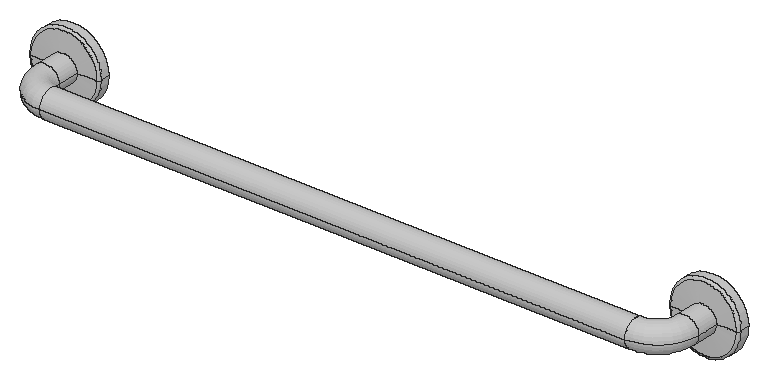
Revit family "rba-bim-rba4000 Series", category Plumbing Fixtures, Revit 2018
Family settings
  Round Connector Dimension = Use Diameter
  Part Type = Normal
  Work Plane-Based = No
  Always vertical = Yes
  Cut with Voids When Loaded = No
  Shared = No
  Room Calculation Point = No
Parameters (values of type "Straight Grab Rail 750mm")
  Watermarked By = "www.rba.com.au"
  URL = "www.rba.com.au"
  Phone Number = ""
  OFFSET [instance] = 800 mm
  Modified Issue = "20191004.01"
  Model = "RBA4000-075"
  Materials and Finishes = Stainless Steel Satin Finish
  Manufacturer = "RBA Group"  # constant formula
  Lgth = 750 mm
  Diameter = 32 mm
  Description = "Straight Grab Rail 750mm"
  Copyright by = "RBA Group"  # constant formula
Types (9, lengths in mm): name | URL | Phone Number | Modified Issue | Model | Lgth | Description
  Straight Grab Rail 300mm | "www.rba.com.au" | "" | "20190510.1" | "RBA4000-030" | 300 | "Straight Grab Rail 300mm"
  Straight Grab Rail 450mm | "www.rba.com.au" | "" | "20191004.01" | "RBA4000-045" | 450 | "Straight Grab Rail 450mm"
  Straight Grab Rail 600mm | "www.rba.com.au" | "" | "20191004.01" | "RBA4000-060" | 600 | "Straight Grab Rail 600mm"
  Straight Grab Rail 750mm | "www.rba.com.au" | "" | "20191004.01" | "RBA4000-075" | 750 | "Straight Grab Rail 750mm"
  Straight Grab Rail 900mm | "www.rba.com.au" | "" | "20191004.01" | "RBA4000-090" | 900 | "Straight Grab Rail 900mm"
  Straight Grab Rail 800mm | "http://www.rba.com.au/accessible-disabled/grab-rails" | "1300 788 778" | "20191004.01" | "RBA4000-080" | 800 | "Straight Grab Rail 800mm"
  Straight Grab Rail 1000mm | "http://www.rba.com.au/accessible-disabled/grab-rails" | "1300 788 778" | "20191004.01" | "RBA4000-100" | 1000 | "Straight Grab Rail 1000mm"
  Straight Grab Rail 1200mm | "http://www.rba.com.au/accessible-disabled/grab-rails" | "1300 788 778" | "20191004.01" | "RBA4000-120" | 1200 | "Straight Grab Rail 1200mm"
  Straight Grab Rail 400mm | "www.rba.com.au" | "" | "20191108.1" | "RBA4000-040" | 400 | "Straight Grab Rail 400mm"
Reference planes
  plane 1 "Center (Front/Back)": y = 0
  plane 2: z = 0
  plane 3 "Center (Left/Right)": x = 0
  plane 4: x = 0
  plane 5: x = 0
  plane 6: y = -57
  plane 7: y = -89
  plane 8: x = 750
  plane 9: z = 16
  plane 10: z = -16
Forms (mm)
  Sweep 1, solid, material "Stainless Steel Satin Finish" <- "Materials and Finishes"
    path origin (-273.954, -750, 0) x (0, -1, 0) y (1, 0, 0)
      loop
        line (-740, 1023.954) -> (-709, 1023.954)
        arc (-709, 1023.954) -> (-686.373, 1014.582) -> (-677, 991.954) r 32
        line (-677, 991.954) -> (-677, 305.954)
        arc (-677, 305.954) -> (-686.373, 283.327) -> (-709, 273.954) r 32
        line (-709, 273.954) -> (-740, 273.954)
    profile origin (375, -73, 0) x (0, -1, 0) y (0, 0, 1)
      loop
        circle (0, 0) r 16
  Extrusion 2, solid, material "Stainless Steel Satin Finish" <- "Materials and Finishes"
    sketch origin (62.5, -2.628, -315.907) x (0, 0, 1) y (1, 0, 0)
      loop
        circle (315.907, -62.5) r 40
    from -0.206 to 2.628
  Revolve 3, solid, material "Stainless Steel Satin Finish" <- "Materials and Finishes"
    sketch origin (62.5, 18.663, 0) x (-1, 0, 0) y (0, -1, 0)
      loop
        line (62.5, 18.663) -> (104, 18.663) -> (104, 28.968)
        arc (104, 28.968) -> (103.207, 31.014) -> (101.243, 31.992) r 3.037
        arc (101.243, 31.992) -> (81.892, 33.334) -> (62.5, 33.781) r 420.249
        line (62.5, 33.781) -> (62.5, 18.663)
      axis (62.5, 18.663) -> (62.5, 33.781)
    angle from 0 to 360
  Extrusion 4, void
    sketch origin (62.704, 34.941, -270.785) x (-0.515038, 0, 0.857167) y (0.857167, 0, 0.515038)
      loop
        circle (290.148, 101.118) r 4.73
      loop
        circle (263.938, 115.713) r 4.73
      loop
        circle (238.193, 100.312) r 4.73
      loop
        circle (290.67, 71.223) r 4.73
      loop
        circle (264.985, 55.722) r 4.73
    from -37.775 to -34.941
  Extrusion 5, solid, material "Stainless Steel Satin Finish" <- "Materials and Finishes"
    sketch origin (237.5, -2.628, -315.907) x (0, 0, 1) y (1, 0, 0)
      loop
        circle (315.907, 512.5) r 40
    from -0.206 to 2.628
  Revolve 6, solid, material "Stainless Steel Satin Finish" <- "Materials and Finishes"
    sketch origin (237.5, 18.663, 0) x (-1, 0, 0) y (0, -1, 0)
      loop
        line (-512.5, 18.663) -> (-512.5, 33.781)
        arc (-512.5, 33.781) -> (-531.892, 33.334) -> (-551.243, 31.992) r 420.249
        arc (-551.243, 31.992) -> (-553.207, 31.014) -> (-554, 28.968) r 3.037
        line (-554, 28.968) -> (-554, 18.663) -> (-512.5, 18.663)
      axis (-512.5, 18.663) -> (-512.5, 33.781)
    angle from 0 to 360
  Extrusion 7, void
    sketch origin (362.704, 34.941, -270.785) x (-0.515038, 0, 0.857167) y (0.857167, 0, 0.515038)
      loop
        circle (58.381, 486.844) r 4.73
      loop
        circle (32.17, 501.438) r 4.73
      loop
        circle (6.426, 486.037) r 4.73
      loop
        circle (58.903, 456.948) r 4.73
      loop
        circle (33.218, 441.448) r 4.73
    from -37.775 to -34.941
Cuts and joins
  Extrusion 7 cuts Sweep 1
  Extrusion 4, Extrusion 7 cuts Extrusion 2
  Extrusion 4, Extrusion 7 cuts Revolve 3
  Extrusion 7 cuts Extrusion 5
  Extrusion 7 cuts Revolve 6
  joined: Sweep 1, Extrusion 2, Revolve 3, Extrusion 5, Revolve 6
Dimensions and locks
  "Lgth": plane 3 "Center (Left/Right)" to plane 8
  radius of Sweep 1 sketch curve = 16 mm
  aligned and locked: level to plane 2
  aligned and locked: Revolve 3 to Extrusion 2
  aligned and locked: Extrusion 2 to Extrusion 4
  aligned and locked: Revolve 6 to Extrusion 5
Automatic sketch dimensions
  Sweep 1 sketch curve to plane 8 = 0 mm
  Sweep 1 sketch curve to plane 3 "Center (Left/Right)" = 0 mm
  plane 6 to Sweep 1 sketch curve = 16 mm  (x2)
  Sweep 1 sketch curve to plane 6 = 16 mm
  plane 1 "Center (Front/Back)" to Sweep 1 sketch curve = 10 mm  (x2)
  Sweep 1 sketch curve to profile plane = 0 mm  (x2)
  Extrusion 2 sketch curve to level = 0 mm
  Extrusion 2 sketch curve to plane 3 "Center (Left/Right)" = 0 mm
  plane 1 "Center (Front/Back)" to Revolve 3 sketch curve = 0 mm
  Revolve 3 sketch curve to plane 3 "Center (Left/Right)" = 0 mm  (x2)
  plane 1 "Center (Front/Back)" to Revolve 3 sketch curve = 10.305 mm
  Revolve 3 sketch curve to plane 3 "Center (Left/Right)" = 38.463 mm
  Revolve 3 sketch curve to Revolve 3 sketch curve = 3.037 mm
  Revolve 3 sketch curve to plane 1 "Center (Front/Back)" = 405.131 mm
  Revolve 3 sketch curve to Revolve 3 sketch curve = 15.118 mm
  Revolve 3 sketch curve to plane 1 "Center (Front/Back)" = 21.537 mm
  Revolve 3 sketch curve to Revolve 3 sketch curve = 0 mm
  plane 6 to Revolve 3 sketch curve = 13.537 mm
  plane 10 to Extrusion 4 sketch curve = 1.05 mm
  plane 3 "Center (Left/Right)" to Extrusion 4 sketch curve = 26.01 mm
  Extrusion 4 sketch curve to Extrusion 4 sketch curve = 25.745 mm
  Extrusion 4 sketch curve to Extrusion 4 sketch curve = 26.792 mm
  Extrusion 4 sketch curve to Extrusion 4 sketch curve = 26.211 mm
  Extrusion 4 sketch curve to Extrusion 4 sketch curve = 0.522 mm
  Extrusion 4 sketch curve to Extrusion 4 sketch curve = 29.089 mm
  Extrusion 4 sketch curve to Extrusion 4 sketch curve = 15.501 mm
  Extrusion 4 sketch curve to Extrusion 4 sketch curve = 29.895 mm
  Extrusion 4 sketch curve to Extrusion 4 sketch curve = 15.402 mm
  Extrusion 5 sketch curve to level = 0 mm
  plane 8 to Extrusion 5 sketch curve = 0 mm
  plane 1 "Center (Front/Back)" to Revolve 6 sketch curve = 0 mm
  Revolve 6 sketch curve to plane 8 = 0 mm  (x2)
  plane 1 "Center (Front/Back)" to Revolve 6 sketch curve = 10.305 mm
  Revolve 6 sketch curve to plane 8 = 38.463 mm
  Revolve 6 sketch curve to Revolve 6 sketch curve = 3.037 mm
  Revolve 6 sketch curve to plane 1 "Center (Front/Back)" = 405.131 mm
  Revolve 6 sketch curve to Revolve 6 sketch curve = 15.118 mm
  Revolve 6 sketch curve to plane 1 "Center (Front/Back)" = 21.537 mm
  Revolve 6 sketch curve to Revolve 6 sketch curve = 0 mm
  plane 6 to Revolve 6 sketch curve = 13.537 mm
  plane 10 to Extrusion 7 sketch curve = 1.05 mm
  Extrusion 7 sketch curve to plane 8 = 26.01 mm
  Extrusion 7 sketch curve to Extrusion 7 sketch curve = 25.745 mm
  Extrusion 7 sketch curve to Extrusion 7 sketch curve = 26.792 mm
  Extrusion 7 sketch curve to Extrusion 7 sketch curve = 26.211 mm
  Extrusion 7 sketch curve to Extrusion 7 sketch curve = 0.522 mm
  Extrusion 7 sketch curve to Extrusion 7 sketch curve = 29.089 mm
  Extrusion 7 sketch curve to Extrusion 7 sketch curve = 15.501 mm
  Extrusion 7 sketch curve to Extrusion 7 sketch curve = 29.895 mm
  Extrusion 7 sketch curve to Extrusion 7 sketch curve = 15.402 mm
  radius of Extrusion 2 sketch curve = 40 mm
  radius of Extrusion 4 sketch curve = 4.73 mm  (x5)
  radius of Extrusion 5 sketch curve = 40 mm
  radius of Extrusion 7 sketch curve = 4.73 mm  (x5)
